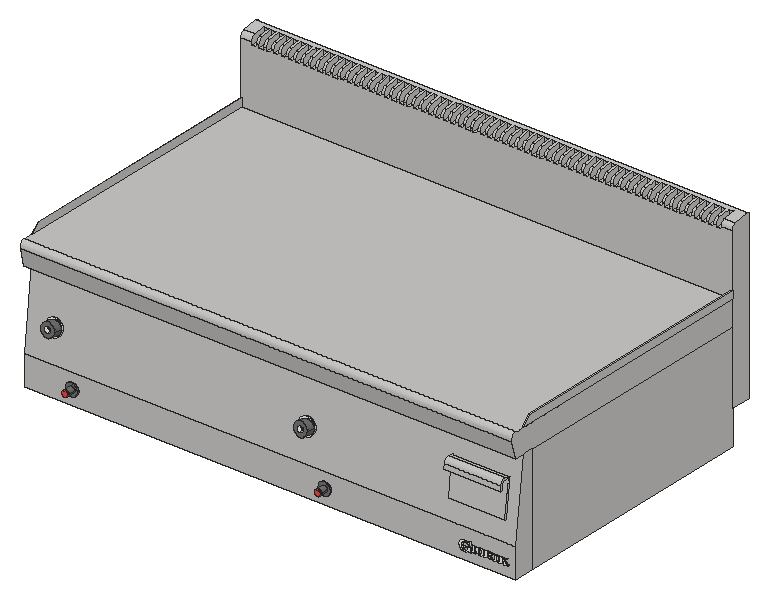
Revit family "QF_GIORIK_LGG6790", category Specialty Equipment, Revit 2014
Parameters (values of type "LGG6790")
  Weight in Pounds = 132.2772
  URL Cutsheet = "www.giorik.com"
  URL = "www.giorik.com"
  Status [instance] = ""
  Specification by User [instance] = ""
  Specification by Manufacturer = ""
  Show Logo [instance] = yes
  Show Clearance [instance] = yes
  Serial Number = ""
  Seismic Rating = ""
  SMACNA No = ""
  Revision Code [instance] = ""
  NAFEM Spec ID Number = ""
  Model = "LGG6790"
  Mechanical Remarks [instance] = "Natural Gas"
  Mechanical Connection Type [instance] = ""
  Masterspec = ""
  Manufacturer = "GIORIK"
  Item Number [instance] = ""
  Installed By [instance] = ""
  Identify Quantity as Lot [instance] = no
  Gas Size = 1"
  Gas RI Height [instance] = 0 mm
  Gas KW = 7.6
  Gas Input = 7600 W
  Gas Connection Height [instance] = 45 mm
  Furnished By [instance] = ""
  Foodservice Equipment Identifier [instance] = yes
  Description = "GRIDDLE SMOOTH"
  CSI MasterFormat = ""
  Assembly Code = "E1090320"
Reference planes
  plane 1 "Back": y = 0
  plane 2: z = 0
  plane 3 "Left": x = 0
  plane 4 "Right": x = 1000
  plane 5 "Front": y = -600
  plane 6 "Top": z = 430
Forms (mm)
  Extrusion 1, solid
    sketch origin (0, 1000, -580) x (0, 1, 0) y (0, 0, 1)
      loop
        line (-1040.007, 869.975) -> (-1589.445, 869.975)
        arc (-1589.445, 869.975) -> (-1598.171, 865.672) -> (-1600.069, 856.13) r 10.999
        line (-1600.069, 856.13) -> (-1590.388, 820) -> (-1040.007, 820) -> (-1040.007, 869.975)
    from 0 to 1000
  Extrusion 2, solid
    sketch origin (0, 0, -560) x (0, 1, 0) y (0, 0, 1)
      loop
        line (-570.06, 849.975) -> (-40.007, 849.975) -> (-40.007, 865.387) -> (-554.648, 865.387) -> (-570.06, 849.975)
    from 0 to 1.85
  Extrusion 3, solid
    sketch origin (0, 0, -560) x (0, 1, 0) y (0, 0, 1)
      loop
        line (-40.007, 800) -> (-550, 800) -> (-550, 580) -> (-40.007, 580) -> (-40.007, 800)
    from 0 to 1000
  Extrusion 4, solid
    sketch origin (0, 0, -560) x (0, 1, 0) y (0, 0, 1)
      loop
        line (-550, 800) -> (-570.5, 800) -> (-590, 640) -> (-590, 580) -> (-550, 580) -> (-550, 800)
    from 0 to 1000
  Extrusion 5, solid
    sketch origin (998.094, 0, -560) x (0, 1, 0) y (0, 0, 1)
      loop
        line (-570.06, 849.975) -> (-40.007, 849.975) -> (-40.007, 865.387) -> (-554.648, 865.387) -> (-570.06, 849.975)
    from -0.15 to 1.906
  Extrusion 6, solid
    sketch origin (0, 0, -560) x (0, 1, 0) y (0, 0, 1)
      loop
        line (-40.007, 974.217) -> (-40.007, 650.827) -> (0, 650.827) -> (0, 988.42)
        arc (0, 988.42) -> (-0.57, 989.648) -> (-1.878, 990) r 1.6
        line (-1.878, 990) -> (-31.072, 984.852)
        arc (-31.072, 984.852) -> (-37.477, 981.162) -> (-40.007, 974.217) r 10.797
    from 0 to 1000
  Extrusion 7, solid
    sketch origin (103.819, 0, -561) x (1, 0, 0) y (0, 0, 1)
      loop
        circle (-38.319, 606) r 12.5
    from 20.007 to 40.007
  Extrusion 8, solid, visible <- "Show Logo"
    sketch origin (791.604, -590.507, -6.113) x (-1, 0, 0) y (0, 0, 1)
      loop
        line (-118.824, 58.358) -> (-127.804, 58.358) -> (-125.523, 56.445) -> (-125.523, 48.027) -> (-127.804, 46.113) -> (-118.824, 46.113) -> (-121.105, 48.027) -> (-121.105, 56.445) -> (-118.824, 58.358)
      loop
        line (-163.721, 58.358) -> (-172.7, 58.358) -> (-170.42, 56.445) -> (-170.42, 48.027) -> (-172.7, 46.113) -> (-163.721, 46.113) -> (-166.001, 48.027) -> (-166.001, 56.445) -> (-163.721, 58.358)
      loop
        line (-174.332, 58.358) -> (-183.312, 58.358) -> (-181.031, 56.445) -> (-181.031, 52.435) -> (-186.419, 56.955) -> (-184.416, 58.358) -> (-191.268, 58.358) -> (-188.01, 56.839) -> (-185.455, 54.283) -> (-190.846, 47.858) -> (-193.396, 46.93) -> (-193.396, 46.113) -> (-184.416, 46.113) -> (-185.437, 47.571) -> (-182.443, 51.552) -> (-181.031, 50.894) -> (-181.031, 48.027) -> (-183.312, 46.113) -> (-174.332, 46.113) -> (-176.613, 48.027) -> (-176.613, 56.445) -> (-174.332, 58.358)
      loop
        line (-115.429, 62.063) -> (-115.429, 54.198)
        arc (-115.429, 54.198) -> (-111.618, 57.803) -> (-106.847, 59.986) r 16.039
        arc (-106.847, 59.986) -> (-103.314, 59.837) -> (-100.512, 57.68) r 5.851
        arc (-100.512, 57.68) -> (-98.815, 52.267) -> (-100.512, 46.853) r 9.479
        arc (-100.512, 46.853) -> (-102.406, 44.986) -> (-104.846, 43.93) r 7.236
        arc (-104.846, 43.93) -> (-107.728, 44.111) -> (-110.052, 45.825) r 5.11
        line (-110.052, 45.825) -> (-110.052, 52.001) -> (-116.141, 52.001) -> (-116.141, 45.503) -> (-117.893, 43.751) -> (-114.094, 44.769)
        arc (-114.094, 44.769) -> (-112.56, 44.947) -> (-111.129, 44.366) r 3.115
        arc (-111.129, 44.366) -> (-104.216, 42.091) -> (-97.303, 44.366) r 11.641
        arc (-97.303, 44.366) -> (-93.396, 52.107) -> (-97.303, 59.849) r 9.622
        arc (-97.303, 59.849) -> (-104.369, 62.174) -> (-111.435, 59.849) r 11.898
        line (-111.435, 59.849) -> (-115.429, 62.063)
      loop
        arc (-129.234, 56.068) -> (-135.893, 58.628) -> (-142.552, 56.068) r 9.941
        arc (-142.552, 56.068) -> (-144.234, 52.286) -> (-142.552, 48.505) r 5.093
        arc (-142.552, 48.505) -> (-135.893, 45.945) -> (-129.234, 48.505) r 9.941
        arc (-129.234, 48.505) -> (-127.552, 52.286) -> (-129.234, 56.068) r 5.093
      loop
        arc (-132.628, 54.403) -> (-135.893, 57.668) -> (-139.158, 54.403) r 3.265
        line (-139.158, 54.403) -> (-139.158, 50.169)
        arc (-139.158, 50.169) -> (-135.893, 46.904) -> (-132.628, 50.169) r 3.265
        line (-132.628, 50.169) -> (-132.628, 54.403)
      loop
        arc (-156.363, 58.365) -> (-159.647, 55.081) -> (-156.363, 51.796) r 3.285
        line (-156.363, 51.796) -> (-159.529, 47.306) -> (-162.087, 46.113) -> (-155.847, 46.113) -> (-153.529, 51.083) -> (-150.637, 51.083) -> (-150.637, 47.784) -> (-153.022, 46.113) -> (-144.011, 46.113) -> (-146.094, 47.68) -> (-146.094, 56.493) -> (-144.229, 58.365) -> (-156.363, 58.365)
      loop
        line (-150.637, 57.512) -> (-153.637, 57.512)
        arc (-153.637, 57.512) -> (-156.237, 54.912) -> (-153.637, 52.312) r 2.6
        line (-153.637, 52.312) -> (-150.637, 52.312) -> (-150.637, 57.512)
      loop
        line (-108.924, 52.001) -> (-104.936, 49.005) -> (-100.948, 52.001) -> (-108.924, 52.001)
    from 1.5 to -0.5
  Extrusion 9, void
    sketch origin (7.5, 0, 430) x (0, 1, 0) y (-1, 0, 0)
      loop
        line (-40.007, -25) -> (-9.931, -25) -> (-9.931, -15) -> (-40.007, -15) -> (-40.007, -25)
      loop
        line (-40.007, -40) -> (-9.931, -40) -> (-9.931, -30) -> (-40.007, -30) -> (-40.007, -40)
      loop
        line (-40.007, -55) -> (-9.931, -55) -> (-9.931, -45) -> (-40.007, -45) -> (-40.007, -55)
      loop
        line (-40.007, -70) -> (-9.931, -70) -> (-9.931, -60) -> (-40.007, -60) -> (-40.007, -70)
      loop
        line (-40.007, -85) -> (-9.931, -85) -> (-9.931, -75) -> (-40.007, -75) -> (-40.007, -85)
      loop
        line (-40.007, -100) -> (-9.931, -100) -> (-9.931, -90) -> (-40.007, -90) -> (-40.007, -100)
      loop
        line (-40.007, -115) -> (-9.931, -115) -> (-9.931, -105) -> (-40.007, -105) -> (-40.007, -115)
      loop
        line (-40.007, -130) -> (-9.931, -130) -> (-9.931, -120) -> (-40.007, -120) -> (-40.007, -130)
      loop
        line (-40.007, -145) -> (-9.931, -145) -> (-9.931, -135) -> (-40.007, -135) -> (-40.007, -145)
      loop
        line (-40.007, -160) -> (-9.931, -160) -> (-9.931, -150) -> (-40.007, -150) -> (-40.007, -160)
      loop
        line (-40.007, -175) -> (-9.931, -175) -> (-9.931, -165) -> (-40.007, -165) -> (-40.007, -175)
      loop
        line (-40.007, -190) -> (-9.931, -190) -> (-9.931, -180) -> (-40.007, -180) -> (-40.007, -190)
      loop
        line (-40.007, -205) -> (-9.931, -205) -> (-9.931, -195) -> (-40.007, -195) -> (-40.007, -205)
      loop
        line (-40.007, -220) -> (-9.931, -220) -> (-9.931, -210) -> (-40.007, -210) -> (-40.007, -220)
      loop
        line (-40.007, -235) -> (-9.931, -235) -> (-9.931, -225) -> (-40.007, -225) -> (-40.007, -235)
      loop
        line (-40.007, -250) -> (-9.931, -250) -> (-9.931, -240) -> (-40.007, -240) -> (-40.007, -250)
      loop
        line (-40.007, -265) -> (-9.931, -265) -> (-9.931, -255) -> (-40.007, -255) -> (-40.007, -265)
      loop
        line (-40.007, -280) -> (-9.931, -280) -> (-9.931, -270) -> (-40.007, -270) -> (-40.007, -280)
      loop
        line (-40.007, -295) -> (-9.931, -295) -> (-9.931, -285) -> (-40.007, -285) -> (-40.007, -295)
      loop
        line (-40.007, -310) -> (-9.931, -310) -> (-9.931, -300) -> (-40.007, -300) -> (-40.007, -310)
      loop
        line (-40.007, -325) -> (-9.931, -325) -> (-9.931, -315) -> (-40.007, -315) -> (-40.007, -325)
      loop
        line (-40.007, -340) -> (-9.931, -340) -> (-9.931, -330) -> (-40.007, -330) -> (-40.007, -340)
      loop
        line (-40.007, -355) -> (-9.931, -355) -> (-9.931, -345) -> (-40.007, -345) -> (-40.007, -355)
      loop
        line (-40.007, -370) -> (-9.931, -370) -> (-9.931, -360) -> (-40.007, -360) -> (-40.007, -370)
      loop
        line (-40.007, -385) -> (-9.931, -385) -> (-9.931, -375) -> (-40.007, -375) -> (-40.007, -385)
      loop
        line (-40.007, -400) -> (-9.931, -400) -> (-9.931, -390) -> (-40.007, -390) -> (-40.007, -400)
      loop
        line (-40.007, -415) -> (-9.931, -415) -> (-9.931, -405) -> (-40.007, -405) -> (-40.007, -415)
      loop
        line (-40.007, -430) -> (-9.931, -430) -> (-9.931, -420) -> (-40.007, -420) -> (-40.007, -430)
      loop
        line (-40.007, -445) -> (-9.931, -445) -> (-9.931, -435) -> (-40.007, -435) -> (-40.007, -445)
      loop
        line (-40.007, -460) -> (-9.931, -460) -> (-9.931, -450) -> (-40.007, -450) -> (-40.007, -460)
      loop
        line (-40.007, -475) -> (-9.931, -475) -> (-9.931, -465) -> (-40.007, -465) -> (-40.007, -475)
      loop
        line (-40.007, -490) -> (-9.931, -490) -> (-9.931, -480) -> (-40.007, -480) -> (-40.007, -490)
      loop
        line (-40.007, -505) -> (-9.931, -505) -> (-9.931, -495) -> (-40.007, -495) -> (-40.007, -505)
      loop
        line (-40.007, -520) -> (-9.931, -520) -> (-9.931, -510) -> (-40.007, -510) -> (-40.007, -520)
      loop
        line (-40.007, -535) -> (-9.931, -535) -> (-9.931, -525) -> (-40.007, -525) -> (-40.007, -535)
      loop
        line (-40.007, -550) -> (-9.931, -550) -> (-9.931, -540) -> (-40.007, -540) -> (-40.007, -550)
      loop
        line (-40.007, -565) -> (-9.931, -565) -> (-9.931, -555) -> (-40.007, -555) -> (-40.007, -565)
      loop
        line (-40.007, -580) -> (-9.931, -580) -> (-9.931, -570) -> (-40.007, -570) -> (-40.007, -580)
      loop
        line (-40.007, -595) -> (-9.931, -595) -> (-9.931, -585) -> (-40.007, -585) -> (-40.007, -595)
      loop
        line (-40.007, -610) -> (-9.931, -610) -> (-9.931, -600) -> (-40.007, -600) -> (-40.007, -610)
      loop
        line (-40.007, -625) -> (-9.931, -625) -> (-9.931, -615) -> (-40.007, -615) -> (-40.007, -625)
      loop
        line (-40.007, -640) -> (-9.931, -640) -> (-9.931, -630) -> (-40.007, -630) -> (-40.007, -640)
      loop
        line (-40.007, -655) -> (-9.931, -655) -> (-9.931, -645) -> (-40.007, -645) -> (-40.007, -655)
      loop
        line (-40.007, -670) -> (-9.931, -670) -> (-9.931, -660) -> (-40.007, -660) -> (-40.007, -670)
      loop
        line (-40.007, -685) -> (-9.931, -685) -> (-9.931, -675) -> (-40.007, -675) -> (-40.007, -685)
      loop
        line (-40.007, -700) -> (-9.931, -700) -> (-9.931, -690) -> (-40.007, -690) -> (-40.007, -700)
      loop
        line (-40.007, -715) -> (-9.931, -715) -> (-9.931, -705) -> (-40.007, -705) -> (-40.007, -715)
      loop
        line (-40.007, -730) -> (-9.931, -730) -> (-9.931, -720) -> (-40.007, -720) -> (-40.007, -730)
      loop
        line (-40.007, -745) -> (-9.931, -745) -> (-9.931, -735) -> (-40.007, -735) -> (-40.007, -745)
      loop
        line (-40.007, -760) -> (-9.931, -760) -> (-9.931, -750) -> (-40.007, -750) -> (-40.007, -760)
      loop
        line (-40.007, -775) -> (-9.931, -775) -> (-9.931, -765) -> (-40.007, -765) -> (-40.007, -775)
      loop
        line (-40.007, -790) -> (-9.931, -790) -> (-9.931, -780) -> (-40.007, -780) -> (-40.007, -790)
      loop
        line (-40.007, -805) -> (-9.931, -805) -> (-9.931, -795) -> (-40.007, -795) -> (-40.007, -805)
      loop
        line (-40.007, -820) -> (-9.931, -820) -> (-9.931, -810) -> (-40.007, -810) -> (-40.007, -820)
      loop
        line (-40.007, -835) -> (-9.931, -835) -> (-9.931, -825) -> (-40.007, -825) -> (-40.007, -835)
      loop
        line (-40.007, -850) -> (-9.931, -850) -> (-9.931, -840) -> (-40.007, -840) -> (-40.007, -850)
      loop
        line (-40.007, -865) -> (-9.931, -865) -> (-9.931, -855) -> (-40.007, -855) -> (-40.007, -865)
      loop
        line (-40.007, -880) -> (-9.931, -880) -> (-9.931, -870) -> (-40.007, -870) -> (-40.007, -880)
      loop
        line (-40.007, -895) -> (-9.931, -895) -> (-9.931, -885) -> (-40.007, -885) -> (-40.007, -895)
      loop
        line (-40.007, -910) -> (-9.931, -910) -> (-9.931, -900) -> (-40.007, -900) -> (-40.007, -910)
      loop
        line (-40.007, -925) -> (-9.931, -925) -> (-9.931, -915) -> (-40.007, -915) -> (-40.007, -925)
      loop
        line (-40.007, -940) -> (-9.931, -940) -> (-9.931, -930) -> (-40.007, -930) -> (-40.007, -940)
      loop
        line (-40.007, -955) -> (-9.931, -955) -> (-9.931, -945) -> (-40.007, -945) -> (-40.007, -955)
      loop
        line (-40.007, -970) -> (-9.931, -970) -> (-9.931, -960) -> (-40.007, -960) -> (-40.007, -970)
    from 0 to -20
  Extrusion 10, solid
    sketch origin (566.603, 15.293, -30) x (0, 1, 0) y (-1, 0, 0)
      loop
        circle (-79.293, 516.603) r 5
    from 41.965 to 50
  Revolve 11, solid
    sketch origin (50, 19.943, -600) x (0, 1, 0) y (0, 0, 1)
      loop
        line (-83.943, 611.965) -> (-94.752, 611.965) -> (-97.943, 600) -> (-83.943, 600) -> (-83.943, 611.965)
      axis (-83.943, 611.965) -> (-83.943, 600)
    angle from 0 to 360
  Extrusion 12, solid
    sketch origin (433.397, 15.293, -30) x (0, 1, 0) y (-1, 0, 0)
      loop
        circle (-79.293, -516.603) r 5
    from 41.965 to 50
  Revolve 13, solid
    sketch origin (950, 19.943, -600) x (0, 1, 0) y (0, 0, -1)
      loop
        line (-83.943, -611.965) -> (-83.943, -600) -> (-97.943, -600) -> (-94.752, -611.965) -> (-83.943, -611.965)
      axis (-83.943, -611.965) -> (-83.943, -600)
    angle from 0 to 360
  Extrusion 14, solid
    sketch origin (566.603, -459.707, -30) x (0, 1, 0) y (-1, 0, 0)
      loop
        circle (-79.293, 516.603) r 5
    from 41.965 to 50
  Revolve 15, solid
    sketch origin (50, -455.057, -600) x (0, 1, 0) y (0, 0, 1)
      loop
        line (-83.943, 611.965) -> (-94.752, 611.965) -> (-97.943, 600) -> (-83.943, 600) -> (-83.943, 611.965)
      axis (-83.943, 611.965) -> (-83.943, 600)
    angle from 0 to 360
  Extrusion 16, solid
    sketch origin (433.397, -459.707, -30) x (0, 1, 0) y (-1, 0, 0)
      loop
        circle (-79.293, -516.603) r 5
    from 41.965 to 50
  Revolve 17, solid
    sketch origin (950, -455.057, -600) x (0, 1, 0) y (0, 0, -1)
      loop
        line (-83.943, -611.965) -> (-83.943, -600) -> (-97.943, -600) -> (-94.752, -611.965) -> (-83.943, -611.965)
      axis (-83.943, -611.965) -> (-83.943, -600)
    angle from 0 to 360
  Extrusion 18, solid
    sketch origin (722.5, -693.34, -437.283) x (0, 0.992655, -0.12098) y (0, 0.12098, 0.992655)
      loop
        line (40, 640.1) -> (30, 640.1)
        arc (30, 640.1) -> (22.929, 637.171) -> (20, 630.1) r 10
        line (20, 630.1) -> (20, 620.1) -> (22, 620.1) -> (22, 630.1)
        arc (22, 630.1) -> (24.343, 635.757) -> (30, 638.1) r 8
        line (30, 638.1) -> (38, 638.1) -> (38, 565.1) -> (40, 565.1) -> (40, 640.1)
    from 137.5 to 252.5
  Extrusion 19, solid
    sketch origin (569, -611.109, -93.204) x (1, 0, 0) y (0, 0.12098, 0.992655)
      loop
        circle (0, 240) r 14
    from 0 to 17.552
  Extrusion 20, solid
    sketch origin (569, -611.109, -93.204) x (1, 0, 0) y (0, 0.12098, 0.992655)
      loop
        circle (0, 240) r 17
    from 0 to 1.96
  Extrusion 21, solid
    sketch origin (499, -20.398, -64.33) x (1, 0, 0) y (0, 0.12098, 0.992655)
      loop
        circle (70, 139.874) r 5
    from 601.431 to 599.431
  Extrusion 22, solid
    sketch origin (55, -611.109, -93.204) x (1, 0, 0) y (0, 0.12098, 0.992655)
      loop
        circle (0, 240) r 14
    from 0 to 17.552
  Extrusion 23, solid
    sketch origin (55, -611.109, -93.204) x (1, 0, 0) y (0, 0.12098, 0.992655)
      loop
        circle (0, 240) r 17
    from 0 to 1.96
  Extrusion 24, solid
    sketch origin (-15, -20.398, -64.33) x (1, 0, 0) y (0, 0.12098, 0.992655)
      loop
        circle (70, 139.874) r 5
    from 601.431 to 599.431
  Extrusion 25, solid
    sketch origin (572.8, -565.79, -661.695) x (1, 0, 0) y (0, 0.001091, 0.999999)
      loop
        circle (38.702, 711.666) r 12.5
    from 25 to 27
  Extrusion 26, solid
    sketch origin (-153.408, -592.797, -668.088) x (1, 0, 0) y (0, 0.001091, 0.999999)
      loop
        circle (764.91, 718.089) r 6
    from 0 to 15
  Extrusion 27, solid
    sketch origin (-153.408, -593.959, -668.087) x (1, 0, 0) y (0, 0.001091, 0.999999)
      loop
        circle (764.91, 718.089) r 6
    from 13.838 to 15.838
  Extrusion 28, solid
    sketch origin (58.798, -565.79, -661.695) x (1, 0, 0) y (0, 0.001091, 0.999999)
      loop
        circle (38.702, 711.666) r 12.5
    from 25 to 27
  Extrusion 29, solid
    sketch origin (-667.41, -592.797, -668.088) x (1, 0, 0) y (0, 0.001091, 0.999999)
      loop
        circle (764.91, 718.089) r 6
    from 0 to 15
  Extrusion 30, solid
    sketch origin (-667.41, -593.959, -668.087) x (1, 0, 0) y (0, 0.001091, 0.999999)
      loop
        circle (764.91, 718.089) r 6
    from 13.838 to 15.838
Cuts and joins
  Extrusion 9 cuts Extrusion 6
Lines and regions (mm)
  symbolic lines, style "200-EquipBorder-2D"
    curve 1: line (1000, 0, 0) -> (0, 0, 0)
    curve 2: line (0, 0, 0) -> (0, -600, 0)
    curve 118: line (1000, -600, 430) -> (1000, 0, 430)
    curve 201: line (91.5, -609.014, 430) -> (91.5, -600, 430)
    curve 202: line (103.5, -609.014, 430) -> (103.5, -600, 430)
    curve 203: line (617.501, -609.014, 430) -> (617.501, -600, 430)
    curve 204: line (605.501, -609.014, 430) -> (605.501, -600, 430)
    curve 205: line (617.501, -609.014, 430) -> (605.501, -609.014, 430)
    curve 206: line (1000, -600, 430) -> (0, -600, 430)
    curve 207: line (103.5, -609.014, 430) -> (91.5, -609.014, 430)
  symbolic lines, style "200-EquipInternal-2D"
    curve 3: line (1000, -40.007, 430) -> (0, -40.007, 430)
    curve 4: line (997.944, -570.06, 430) -> (1000, -570.06, 430)
    curve 5: line (997.944, -40.007, 430) -> (997.944, -570.06, 430)
    curve 6: line (0, -570.06, 430) -> (1.85, -570.06, 430)
    curve 7: line (1.85, -570.06, 430) -> (1.85, -40.007, 430)
    curve 8: line (22.5, -9.931, 290) -> (22.5, -40.007, 290)
    curve 9: line (32.5, -40.007, 290) -> (32.5, -9.931, 290)
    curve 10: line (37.5, -9.931, 290) -> (37.5, -40.007, 290)
    curve 11: line (47.5, -40.007, 290) -> (47.5, -9.931, 290)
    curve 12: line (52.5, -9.931, 290) -> (52.5, -40.007, 290)
    curve 13: line (62.5, -40.007, 290) -> (62.5, -9.931, 290)
    curve 14: line (82.5, -9.931, 290) -> (82.5, -40.007, 290)
    curve 15: line (92.5, -40.007, 290) -> (92.5, -9.931, 290)
    curve 16: line (97.5, -9.931, 290) -> (97.5, -40.007, 290)
    curve 17: line (107.5, -40.007, 290) -> (107.5, -9.931, 290)
    curve 18: line (137.5, -40.007, 290) -> (137.5, -9.931, 290)
    curve 19: line (127.5, -9.931, 290) -> (127.5, -40.007, 290)
    curve 20: line (152.5, -40.007, 290) -> (152.5, -9.931, 290)
    curve 21: line (157.5, -9.931, 290) -> (157.5, -40.007, 290)
    curve 22: line (167.5, -40.007, 290) -> (167.5, -9.931, 290)
    curve 23: line (142.5, -9.931, 290) -> (142.5, -40.007, 290)
    curve 24: line (197.5, -40.007, 290) -> (197.5, -9.931, 290)
    curve 25: line (187.5, -9.931, 290) -> (187.5, -40.007, 290)
    curve 26: line (202.5, -9.931, 290) -> (202.5, -40.007, 290)
    curve 27: line (212.5, -40.007, 290) -> (212.5, -9.931, 290)
    curve 28: line (217.5, -9.931, 290) -> (217.5, -40.007, 290)
    curve 29: line (227.5, -40.007, 290) -> (227.5, -9.931, 290)
    curve 30: line (247.5, -9.931, 290) -> (247.5, -40.007, 290)
    curve 31: line (257.5, -40.007, 290) -> (257.5, -9.931, 290)
    curve 32: line (262.5, -9.931, 290) -> (262.5, -40.007, 290)
    curve 33: line (272.5, -40.007, 290) -> (272.5, -9.931, 290)
    curve 34: line (277.5, -9.931, 290) -> (277.5, -40.007, 290)
    curve 35: line (287.5, -40.007, 290) -> (287.5, -9.931, 290)
    curve 36: line (317.5, -40.007, 290) -> (317.5, -9.931, 290)
    curve 37: line (307.5, -9.931, 290) -> (307.5, -40.007, 290)
    curve 38: line (332.5, -40.007, 290) -> (332.5, -9.931, 290)
    curve 39: line (322.5, -9.931, 290) -> (322.5, -40.007, 290)
    curve 40: line (337.5, -9.931, 290) -> (337.5, -40.007, 290)
    curve 41: line (347.5, -40.007, 290) -> (347.5, -9.931, 290)
    curve 42: line (367.5, -9.931, 290) -> (367.5, -40.007, 290)
    curve 43: line (377.5, -40.007, 290) -> (377.5, -9.931, 290)
    curve 44: line (382.5, -9.931, 290) -> (382.5, -40.007, 290)
    curve 45: line (392.5, -9.931, 290) -> (382.5, -9.931, 290)
    curve 46: line (377.5, -9.931, 290) -> (367.5, -9.931, 290)
    curve 47: line (347.5, -9.931, 290) -> (337.5, -9.931, 290)
    curve 48: line (332.5, -9.931, 290) -> (322.5, -9.931, 290)
    curve 49: line (317.5, -9.931, 290) -> (307.5, -9.931, 290)
    curve 50: line (272.5, -9.931, 290) -> (262.5, -9.931, 290)
    curve 51: line (107.5, -9.931, 290) -> (97.5, -9.931, 290)
    curve 52: line (92.5, -9.931, 290) -> (82.5, -9.931, 290)
    curve 53: line (62.5, -9.931, 290) -> (52.5, -9.931, 290)
    curve 54: line (32.5, -9.931, 290) -> (22.5, -9.931, 290)
    curve 55: line (137.5, -9.931, 290) -> (127.5, -9.931, 290)
    curve 56: line (152.5, -9.931, 290) -> (142.5, -9.931, 290)
    curve 57: line (167.5, -9.931, 290) -> (157.5, -9.931, 290)
    curve 58: line (197.5, -9.931, 290) -> (187.5, -9.931, 290)
    curve 59: line (212.5, -9.931, 290) -> (202.5, -9.931, 290)
    curve 60: line (227.5, -9.931, 290) -> (217.5, -9.931, 290)
    curve 61: line (257.5, -9.931, 290) -> (247.5, -9.931, 290)
    curve 62: line (47.5, -9.931, 290) -> (37.5, -9.931, 290)
    curve 63: line (67.5, -9.931, 430) -> (67.5, -40.007, 430)
    curve 64: line (77.5, -40.007, 430) -> (77.5, -9.931, 430)
    curve 65: line (77.5, -9.931, 430) -> (67.5, -9.931, 430)
    curve 66: line (112.5, -9.931, 430) -> (112.5, -40.007, 430)
    curve 67: line (122.5, -40.007, 430) -> (122.5, -9.931, 430)
    curve 68: line (122.5, -9.931, 430) -> (112.5, -9.931, 430)
    curve 69: line (172.5, -9.931, 430) -> (172.5, -40.007, 430)
    curve 70: line (182.5, -40.007, 430) -> (182.5, -9.931, 430)
    curve 71: line (182.5, -9.931, 430) -> (172.5, -9.931, 430)
    curve 72: line (232.5, -9.931, 430) -> (232.5, -40.007, 430)
    curve 73: line (242.5, -40.007, 430) -> (242.5, -9.931, 430)
    curve 74: line (242.5, -9.931, 430) -> (232.5, -9.931, 430)
    curve 75: line (287.5, -9.931, 430) -> (277.5, -9.931, 430)
    curve 76: line (302.5, -9.931, 430) -> (292.5, -9.931, 430)
    curve 77: line (292.5, -9.931, 430) -> (292.5, -40.007, 430)
    curve 78: line (302.5, -40.007, 430) -> (302.5, -9.931, 430)
    curve 79: line (352.5, -9.931, 430) -> (352.5, -40.007, 430)
    curve 80: line (362.5, -40.007, 430) -> (362.5, -9.931, 430)
    curve 81: line (362.5, -9.931, 430) -> (352.5, -9.931, 430)
    curve 82: line (392.5, -40.007, 430) -> (392.5, -9.931, 430)
    curve 83: line (397.5, -9.931, 430) -> (397.5, -40.007, 430)
    curve 84: line (407.5, -40.007, 430) -> (407.5, -9.931, 430)
    curve 85: line (407.5, -9.931, 430) -> (397.5, -9.931, 430)
    curve 86: line (422.5, -9.931, 430) -> (412.5, -9.931, 430)
    curve 87: line (412.5, -9.931, 430) -> (412.5, -40.007, 430)
    curve 88: line (422.5, -40.007, 430) -> (422.5, -9.931, 430)
    curve 89: line (427.5, -9.931, 430) -> (427.5, -40.007, 430)
    curve 90: line (437.5, -40.007, 430) -> (437.5, -9.931, 430)
    curve 91: line (437.5, -9.931, 430) -> (427.5, -9.931, 430)
    curve 92: line (442.5, -9.931, 430) -> (442.5, -40.007, 430)
    curve 93: line (452.5, -40.007, 430) -> (452.5, -9.931, 430)
    curve 94: line (457.5, -9.931, 430) -> (457.5, -40.007, 430)
    curve 95: line (467.5, -40.007, 430) -> (467.5, -9.931, 430)
    curve 96: line (472.5, -9.931, 430) -> (472.5, -40.007, 430)
    curve 97: line (482.5, -40.007, 430) -> (482.5, -9.931, 430)
    curve 98: line (487.5, -9.931, 430) -> (487.5, -40.007, 430)
    curve 99: line (497.5, -40.007, 430) -> (497.5, -9.931, 430)
    curve 100: line (502.5, -9.931, 430) -> (502.5, -40.007, 430)
    curve 101: line (512.5, -40.007, 430) -> (512.5, -9.931, 430)
    curve 102: line (517.5, -9.931, 430) -> (517.5, -40.007, 430)
    curve 103: line (527.5, -40.007, 430) -> (527.5, -9.931, 430)
    curve 104: line (532.5, -9.931, 430) -> (532.5, -40.007, 430)
    curve 105: line (542.5, -40.007, 430) -> (542.5, -9.931, 430)
    curve 106: line (547.5, -9.931, 430) -> (547.5, -40.007, 430)
    curve 107: line (557.5, -40.007, 430) -> (557.5, -9.931, 430)
    curve 108: line (562.5, -9.931, 430) -> (562.5, -40.007, 430)
    curve 109: line (452.5, -9.931, 430) -> (442.5, -9.931, 430)
    curve 110: line (467.5, -9.931, 430) -> (457.5, -9.931, 430)
    curve 111: line (482.5, -9.931, 430) -> (472.5, -9.931, 430)
    curve 112: line (497.5, -9.931, 430) -> (487.5, -9.931, 430)
    curve 113: line (512.5, -9.931, 430) -> (502.5, -9.931, 430)
    curve 114: line (527.5, -9.931, 430) -> (517.5, -9.931, 430)
    curve 115: line (542.5, -9.931, 430) -> (532.5, -9.931, 430)
    curve 116: line (557.5, -9.931, 430) -> (547.5, -9.931, 430)
    curve 117: line (572.5, -9.931, 430) -> (562.5, -9.931, 430)
    curve 119: line (572.5, -40.007, 430) -> (572.5, -9.931, 430)
    curve 120: line (587.5, -9.931, 430) -> (577.5, -9.931, 430)
    curve 121: line (602.5, -9.931, 430) -> (592.5, -9.931, 430)
    curve 122: line (617.5, -9.931, 430) -> (607.5, -9.931, 430)
    curve 123: line (632.5, -9.931, 430) -> (622.5, -9.931, 430)
    curve 124: line (647.5, -9.931, 430) -> (637.5, -9.931, 430)
    curve 125: line (662.5, -9.931, 430) -> (652.5, -9.931, 430)
    curve 126: line (677.5, -9.931, 430) -> (667.5, -9.931, 430)
    curve 127: line (692.5, -9.931, 430) -> (682.5, -9.931, 430)
    curve 128: line (707.5, -9.931, 430) -> (697.5, -9.931, 430)
    curve 129: line (722.5, -9.931, 430) -> (712.5, -9.931, 430)
    curve 130: line (737.5, -9.931, 430) -> (727.5, -9.931, 430)
    curve 131: line (752.5, -9.931, 430) -> (742.5, -9.931, 430)
    curve 132: line (767.5, -9.931, 430) -> (757.5, -9.931, 430)
    curve 133: line (782.5, -9.931, 430) -> (772.5, -9.931, 430)
    curve 134: line (797.5, -9.931, 430) -> (787.5, -9.931, 430)
    curve 135: line (812.5, -9.931, 430) -> (802.5, -9.931, 430)
    curve 136: line (827.5, -9.931, 430) -> (817.5, -9.931, 430)
    curve 137: line (842.5, -9.931, 430) -> (832.5, -9.931, 430)
    curve 138: line (857.5, -9.931, 430) -> (847.5, -9.931, 430)
    curve 139: line (872.5, -9.931, 430) -> (862.5, -9.931, 430)
    curve 140: line (887.5, -9.931, 430) -> (877.5, -9.931, 430)
    curve 141: line (902.5, -9.931, 430) -> (892.5, -9.931, 430)
    curve 142: line (917.5, -9.931, 430) -> (907.5, -9.931, 430)
    curve 143: line (932.5, -9.931, 430) -> (922.5, -9.931, 430)
    curve 144: line (947.5, -9.931, 430) -> (937.5, -9.931, 430)
    curve 145: line (962.5, -9.931, 430) -> (952.5, -9.931, 430)
    curve 146: line (977.5, -9.931, 430) -> (967.5, -9.931, 430)
    curve 147: line (977.5, -40.007, 430) -> (977.5, -9.931, 430)
    curve 148: line (967.5, -9.931, 430) -> (967.5, -40.007, 430)
    curve 149: line (962.5, -40.007, 430) -> (962.5, -9.931, 430)
    curve 150: line (952.5, -9.931, 430) -> (952.5, -40.007, 430)
    curve 151: line (947.5, -40.007, 430) -> (947.5, -9.931, 430)
    curve 152: line (937.5, -9.931, 430) -> (937.5, -40.007, 430)
    curve 153: line (932.5, -40.007, 430) -> (932.5, -9.931, 430)
    curve 154: line (922.5, -9.931, 430) -> (922.5, -40.007, 430)
    curve 155: line (917.5, -40.007, 430) -> (917.5, -9.931, 430)
    curve 156: line (907.5, -9.931, 430) -> (907.5, -40.007, 430)
    curve 157: line (902.5, -40.007, 430) -> (902.5, -9.931, 430)
    curve 158: line (892.5, -9.931, 430) -> (892.5, -40.007, 430)
    curve 159: line (887.5, -40.007, 430) -> (887.5, -9.931, 430)
    curve 160: line (877.5, -9.931, 430) -> (877.5, -40.007, 430)
    curve 161: line (872.5, -40.007, 430) -> (872.5, -9.931, 430)
    curve 162: line (862.5, -9.931, 430) -> (862.5, -40.007, 430)
    curve 163: line (857.5, -40.007, 430) -> (857.5, -9.931, 430)
    curve 164: line (847.5, -9.931, 430) -> (847.5, -40.007, 430)
    curve 165: line (842.5, -40.007, 430) -> (842.5, -9.931, 430)
    curve 166: line (832.5, -9.931, 430) -> (832.5, -40.007, 430)
    curve 167: line (827.5, -40.007, 430) -> (827.5, -9.931, 430)
    curve 168: line (817.5, -9.931, 430) -> (817.5, -40.007, 430)
    curve 169: line (812.5, -40.007, 430) -> (812.5, -9.931, 430)
    curve 170: line (802.5, -9.931, 430) -> (802.5, -40.007, 430)
    curve 171: line (797.5, -40.007, 430) -> (797.5, -9.931, 430)
    curve 172: line (787.5, -9.931, 430) -> (787.5, -40.007, 430)
    curve 173: line (782.5, -40.007, 430) -> (782.5, -9.931, 430)
    curve 174: line (772.5, -9.931, 430) -> (772.5, -40.007, 430)
    curve 175: line (767.5, -40.007, 430) -> (767.5, -9.931, 430)
    curve 176: line (757.5, -9.931, 430) -> (757.5, -40.007, 430)
    curve 177: line (752.5, -40.007, 430) -> (752.5, -9.931, 430)
    curve 178: line (742.5, -9.931, 430) -> (742.5, -40.007, 430)
    curve 179: line (737.5, -40.007, 430) -> (737.5, -9.931, 430)
    curve 180: line (727.5, -9.931, 430) -> (727.5, -40.007, 430)
    curve 181: line (722.5, -40.007, 430) -> (722.5, -9.931, 430)
    curve 182: line (712.5, -9.931, 430) -> (712.5, -40.007, 430)
    curve 183: line (707.5, -40.007, 430) -> (707.5, -9.931, 430)
    curve 184: line (697.5, -9.931, 430) -> (697.5, -40.007, 430)
    curve 185: line (692.5, -40.007, 430) -> (692.5, -9.931, 430)
    curve 186: line (682.5, -9.931, 430) -> (682.5, -40.007, 430)
    curve 187: line (677.5, -40.007, 430) -> (677.5, -9.931, 430)
    curve 188: line (667.5, -9.931, 430) -> (667.5, -40.007, 430)
    curve 189: line (662.5, -40.007, 430) -> (662.5, -9.931, 430)
    curve 190: line (652.5, -9.931, 430) -> (652.5, -40.007, 430)
    curve 191: line (647.5, -40.007, 430) -> (647.5, -9.931, 430)
    curve 192: line (637.5, -9.931, 430) -> (637.5, -40.007, 430)
    curve 193: line (632.5, -40.007, 430) -> (632.5, -9.931, 430)
    curve 194: line (622.5, -9.931, 430) -> (622.5, -40.007, 430)
    curve 195: line (617.5, -40.007, 430) -> (617.5, -9.931, 430)
    curve 196: line (607.5, -9.931, 430) -> (607.5, -40.007, 430)
    curve 197: line (602.5, -40.007, 430) -> (602.5, -9.931, 430)
    curve 198: line (592.5, -9.931, 430) -> (592.5, -40.007, 430)
    curve 199: line (587.5, -40.007, 430) -> (587.5, -9.931, 430)
    curve 200: line (577.5, -9.931, 430) -> (577.5, -40.007, 430)
Dimensions and locks
  plane 3 "Left" to plane 4 "Right" = 1000 mm
  plane 5 "Front" to plane 1 "Back" = 600 mm
  plane 4 "Right" to plane 3 "Left" = 1000 mm
  plane 1 "Back" to plane 5 "Front" = 600 mm
  plane 6 "Top" to level = 430 mm  (x2)
  aligned and locked: level to plane 2
Connectors
  piping at (65.5, -20.007, 45), diameter 25.4, driven by "Gas Size"
    settings: on Extrusion 7, index 1, connector inside diameter 24", connector length 0 mm, flow factor 0, pipe flow 0.0 L/s, pressure drop 0.0 Pa, fitting loss kfactor 0, connector angle 0.00°, fixture units 0, engagement length 0 mm, angle of deflection 0.00°, flow configuration 1, flow direction 1, fitting loss method 0, system type 22, joint type 0, gender type 0, connector reference index -1, connector utility 0, adjustable connector no, is connector primary yes, connector description "Gas Inlet"
